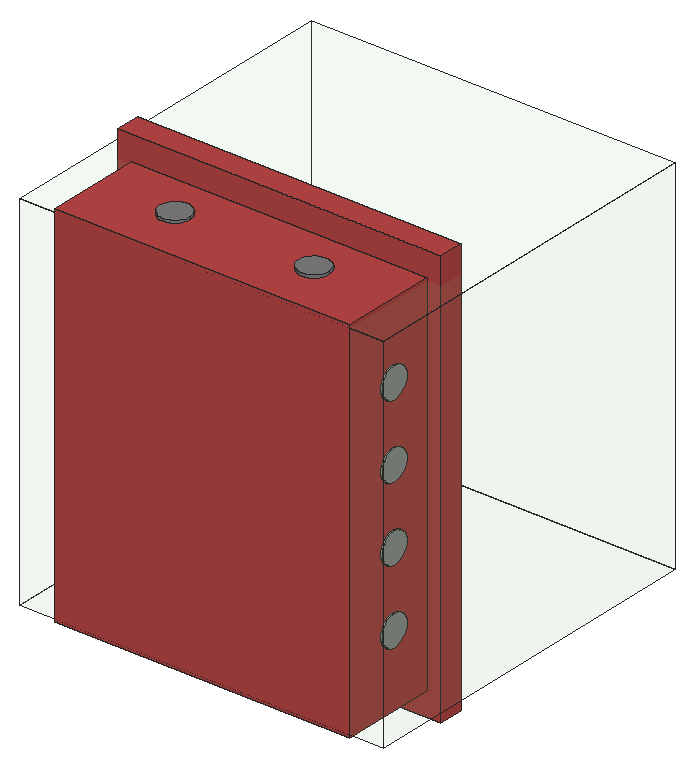
Revit family "ZETA_Коробка_Клемная_КМ 65-40_IP54", category Электрические приборы, Revit 2021
Family settings
  Сохранять ориентацию аннотаций = Нет
  Размер круглого соединителя = Использовать диаметр
  Тип детали = Нормальный
  На основе рабочей плоскости = Да
  Всегда вертикально = Нет
  При загрузке вырезать с полостями = Нет
  Общий = Нет
  Точка принадлежности помещению = Да
Parameters (values of type "64_40_IP54")
  УГО_Ширина = 10 mm
  УГО_Смещение_Х [instance] = 0 mm
  УГО_Смещение_Y [instance] = 0 mm
  УГО_Высота = 5 mm
  Температура эксплуатации = "от -40°С до +60°С"
  Сечение жил до = "4мм2"
  Сертификат = "RU C-RU.АД84.В.00192/20"
  Потолочное размещение [instance] = no
  Default Elevation = 1219.2 mm
  Описание = "Коробки клеммные соединительные КМ43 и КМ65 предназначены для\r\nсоединения и разветвления силовых электрических цепей и цепей КИПиА,\r\nвыполняемых контрольными и силовыми кабелями с алюминиевыми или медными\r\nжилами сечением 1,5-4мм2."
  Номинальный ток = "до 25A"
  Напряжение постоянного тока = "440 В"
  Напряжение переменного тока = "660 В"
  Крышка_Ширина = 160 mm
  Крышка_Длина = 190 mm
  Климатическое исполнение = "У2"
  Изготовитель = "АО «ЗЭТА»"  # constant formula
  Изготавливается по = "ТУ 27.33.13.120-047-99856433-2020"
  URL = "https://nzeta.ru/"
  D4 = 40 mm
  D3 = 20 mm
  D2 = 32 mm
  D1 = 25 mm
  В_УГО_Смещение_У [instance] = УГО_Смещение_Y + 2000 mm  # 2000 mm
  В_УГО_Смещение_X [instance] = УГО_Смещение_Х + 2000 mm  # 2000 mm
  ADSK_Ток = 0 A
  ADSK_Степень защиты_IP = "IP54"
  ADSK_Размер_Ширина = 266 mm
  ADSK_Размер_УголПоворота [instance] = if(Потолочное размещение, -90.00°, 180.00°)  # 180.00°
  ADSK_Размер_Длина = 345 mm
  ADSK_Размер_Высота = 107 mm
  ADSK_Примечание [instance] = ""
  ADSK_Полная мощность = 0 VA
  ADSK_Позиция [instance] = ""
  ADSK_Обозначение = "KK"
  ADSK_Номинальная мощность = 0 W
  ADSK_Номер стояка = ""
  ADSK_Номер линии = 0
  ADSK_Напряжение = 230 V
  ADSK_Наименование краткое = "КМ 65-40"
  ADSK_Наименование = "Коробка монтажная КМ 65-40 У2 пластиковый ввод IP54 ГОФРОМАТИК"
  ADSK_Материал наименование = "Сталь оцинкованная"
  ADSK_Масса_Текст = "4"
  ADSK_Масса = 4
  ADSK_Марка = "KK КМ 65-40 У2 IP54"
  ADSK_Коэффициент мощности = 1
  ADSK_Количество фаз числовое = 1
  ADSK_Количество фаз = 1
  ADSK_Количество = 1
  ADSK_Код изделия = "zeta30359"
  ADSK_Классификация нагрузок = Прочее
  ADSK_Завод-изготовитель = "АО «ЗЭТА»"  # constant formula
  ADSK_Единица измерения = "шт"  # constant formula
  ADSK_Версия семейства = "v.1"  # constant formula
  ADSK_Версия Revit = "2021"
  ADSK_URL страницы изделия = "https://nzeta.ru/catalog/?q=zeta30359"
  ADSK_URL документации изделия = "https://nzeta.ru/upload/uf/c0d/7z2vd3ivl8s592cr7mepd0aewbbuclim/passport.pdf"
Reference planes
  plane 1 "По центру (Вперед/Назад)": y = 0
  plane 2: z = 0
  plane 3 "По центру (Влево/Вправо)": x = 0
  plane 4: x = -2000
  plane 5: y = -2000
  plane 6: x = 0
  plane 7: y = 0
Lines and regions (mm)
  reference lines
    curve 1: line (0, 0, 0) -> (0, 0, -180)
    curve 2: line (0, 0, 0) -> (0, 140, 0)
Dimensions and locks
  "В_УГО_Смещение_X": plane 4 to plane 6
  "В_УГО_Смещение_У": plane 7 to plane 5
  angle curve 2 to curve 1 = 90.00°
  "ADSK_Размер_УголПоворота": angle plane 1 "По центру (Вперед/Назад)" to curve 1
  aligned and locked: level to plane 2
  aligned and locked: plane 6 to nested 1
  aligned and locked: nested 1 to plane 7
  aligned and locked: plane 2 to curve 2
  aligned and locked: plane 1 "По центру (Вперед/Назад)" to curve 1
  aligned and locked: nested 2 to curve 2
Nested families
  nested 1: "УГО_Клеменная_Коробка_(GenAnn)" at (0, 0, 0), УГО_Высота <- "УГО_Высота", УГО_Длина <- "УГО_Ширина", ADSK_Обозначение <- "ADSK_Обозначение", ADSK_Степень защиты_IP <- "ADSK_Степень защиты_IP", type "УГО_Клеменная_Коробка_(GenAnn)", detail levels coarse+medium
    with УГО_Длина 10 mm, УГО_Высота 5 mm, ADSK_Степень защиты_IP "IP54", ADSK_Обозначение "KK"
  nested 2: "ZETA_Коробка_Клемная_КМ 65-40_IP65_Геометрия" at (0, 0, 0) x (0, 0, -1) z (0, 1, 0), type "65-40", detail levels medium+fine
  nested 3: "Zeta_Зона обслуживания" at (0, 0, 0) x (-1, 0, 0) z (0, 0, -1), type "Зона обслуживания_Куб", detail levels medium+fine
    with Зона обслуживания_Ширина 300 mm, Зона обслуживания_Длина 300 mm, Зона обслуживания_Высота 300 mm
Connectors
  cabletrayconduit at (-123.595, 43.588, 91.442), diameter 32, driven by "D2"
    settings: on nested 2, index 2, connector width 300 mm, connector height 300 mm, connector angle 0.00°, system type 32, placement type 0, profile type 0, connector reference index -1, is primary connector yes, connector utility param no, connector description ""
  cabletrayconduit at (-123.595, 43.588, 30.481), diameter 32, driven by "D2"
    settings: on nested 2, index 3, connector width 300 mm, connector height 300 mm, connector angle 0.00°, system type 32, placement type 0, profile type 0, connector reference index -1, is primary connector no, connector utility param no, connector description ""
  cabletrayconduit at (-123.595, 43.588, -30.481), diameter 40, driven by "D4"
    settings: on nested 2, index 4, connector width 300 mm, connector height 300 mm, connector angle 0.00°, system type 32, placement type 0, profile type 0, connector reference index -1, is primary connector no, connector utility param no, connector description ""
  electrical at (0, 0, 0), driven by "ADSK_Количество фаз", driven by "ADSK_Классификация нагрузок", driven by "ADSK_Напряжение", driven by "ADSK_Полная мощность", driven by "ADSK_Коэффициент мощности"
    settings: on nested 2, index 5, voltage 230 V, apparent load 0 VA, apparent load phase1 0 VA, apparent load phase2 0 VA, apparent load phase3 0 VA, power factor 1, load classification "Прочее", number of poles 1, system type 30, power factor state 1, is connector primary yes, connector utility no, sub classification motor no, connector description ""
  cabletrayconduit at (123.524, 43.588, 91.442), diameter 25, driven by "D1"
    settings: on nested 2, index 7, connector width 300 mm, connector height 300 mm, connector angle 0.00°, system type 32, placement type 0, profile type 0, connector reference index -1, is primary connector no, connector utility param no, connector description ""
  cabletrayconduit at (123.524, 43.588, -91.442), diameter 25, driven by "D1"
    settings: on nested 2, index 8, connector width 300 mm, connector height 300 mm, connector angle 0.00°, system type 32, placement type 0, profile type 0, connector reference index -1, is primary connector no, connector utility param no, connector description ""
  cabletrayconduit at (123.524, 43.588, 30.481), diameter 25, driven by "D1"
    settings: on nested 2, index 9, connector width 300 mm, connector height 300 mm, connector angle 0.00°, system type 32, placement type 0, profile type 0, connector reference index -1, is primary connector no, connector utility param no, connector description ""
  cabletrayconduit at (-123.595, 43.588, -91.442), diameter 32, driven by "D2"
    settings: on nested 2, index 11, connector width 300 mm, connector height 300 mm, connector angle 0.00°, system type 32, placement type 0, profile type 0, connector reference index -1, is primary connector no, connector utility param no, connector description ""
  cabletrayconduit at (-57.269, 43.588, -154.404), diameter 25, driven by "D1"
    settings: on nested 2, index 12, connector width 300 mm, connector height 300 mm, connector angle 0.00°, system type 32, placement type 0, profile type 0, connector reference index -1, is primary connector no, connector utility param no, connector description ""
  cabletrayconduit at (57.269, 43.588, -154.404), diameter 25, driven by "D1"
    settings: on nested 2, index 13, connector width 300 mm, connector height 300 mm, connector angle 0.00°, system type 32, placement type 0, profile type 0, connector reference index -1, is primary connector no, connector utility param no, connector description ""
  cabletrayconduit at (123.524, 43.588, -30.481), diameter 25, driven by "D1"
    settings: on nested 2, index 14, connector width 300 mm, connector height 300 mm, connector angle 0.00°, system type 32, placement type 0, profile type 0, connector reference index -1, is primary connector no, connector utility param no, connector description ""
  cabletrayconduit at (57.269, 43.588, 154.404), diameter 25, driven by "D1"
    settings: on nested 2, index 15, connector width 300 mm, connector height 300 mm, connector angle 0.00°, system type 32, placement type 0, profile type 0, connector reference index -1, is primary connector no, connector utility param no, connector description ""
  cabletrayconduit at (-57.269, 43.588, 154.404), diameter 25, driven by "D1"
    settings: on nested 2, index 16, connector width 300 mm, connector height 300 mm, connector angle 0.00°, system type 32, placement type 0, profile type 0, connector reference index -1, is primary connector no, connector utility param no, connector description ""
Definition of nested family "ZETA_Коробка_Клемная_КМ 65-40_IP65_Геометрия"
  Parameters (values of type "65-40")
    Привязки_Штуцер = 177.786 mm
    Default Elevation = 1219.2 mm
    Основание_Ширина = ADSK_Размер_Ширина * 0.9142  # 243.177 mm
    Основание_Длина = ADSK_Размер_Длина * 0.8835  # 304.808 mm
    Manufacturer = "АО \"ЗЭТАРУС\""
    D4 = 40 mm
    D3 = 20 mm
    D2 = 32 mm
    D1 = 25 mm
    ADSK_Размер_Ширина = 266 mm
    ADSK_Размер_Длина = 345 mm
    ADSK_Размер_Высота = 106 mm
  Reference planes
    plane 1 "По центру (Вперед/Назад)": y = 0
    plane 2: z = 0
    plane 3 "По центру (Влево/Вправо)": x = 0
    plane 4: x = -152.404
    plane 5: x = 152.404
    plane 6: y = -121.589
    plane 7: y = 121.589
    plane 8: x = -172.5
    plane 9: y = -133
    plane 10: x = 172.5
    plane 11: y = 133
    plane 12: z = 106
    plane 13: z = 79.822
    plane 14: y = -57.269
    plane 15: y = 57.269
    plane 16: z = 43.588
    plane 17: y = -123.595
    plane 18: y = 123.524
    plane 19: x = -30.481
    plane 20: x = -91.442
    plane 21: x = 30.481
    plane 22: x = 91.442
    plane 23: x = 154.404
  Forms (mm)
    Extrusion 1, solid
      sketch origin (0, 0, 0) x (1, 0, 0) y (0, 1, 0)
        loop
          line (-152.404, 121.589) -> (-152.404, -121.589) -> (152.404, -121.589) -> (152.404, 121.589) -> (-152.404, 121.589)
      from 0 to 79.822
    Extrusion 2, solid
      sketch origin (0, 0, 0) x (1, 0, 0) y (0, 1, 0)
        loop
          line (-172.5, 133) -> (-172.5, -133) -> (172.5, -133) -> (172.5, 133) -> (-172.5, 133)
      from 100 to 79.822
    Extrusion 3, solid
      sketch origin (0, 0, 0) x (1, 0, 0) y (0, 0, 1)
        loop
          circle (-91.442, 43.588) r 16
      from 121.589 to 123.595
    Extrusion 4, solid
      sketch origin (43.5, 0, 0) x (1, 0, 0) y (0, 0, 1)
        loop
          circle (-73.981, 43.588) r 16
      from 123.595 to 121.589
    Extrusion 5, solid
      sketch origin (117, 0, 0) x (1, 0, 0) y (0, 0, 1)
        loop
          circle (-86.519, 43.588) r 20
      from 123.595 to 121.589
    Extrusion 6, solid
      sketch origin (85.899, 167.006, 14.478) x (1, 0, 0) y (0, 0, 1)
        loop
          circle (-116.38, 29.11) r 12.5
      from 43.482 to 45.417
    Extrusion 7, solid
      sketch origin (26.528, 167.006, 14.478) x (1, 0, 0) y (0, 0, 1)
        loop
          circle (-117.97, 29.11) r 12.5
      from 43.482 to 45.417
    Extrusion 8, solid
      sketch origin (142.642, 206.667, 14.478) x (1, 0, 0) y (0, 0, 1)
        loop
          circle (-112.162, 29.11) r 12.5
      from 85.079 to 83.144
    Extrusion 9, solid
      sketch origin (197.414, 210.537, 14.478) x (1, 0, 0) y (0, 0, 1)
        loop
          circle (-105.972, 29.11) r 12.5
      from 87.014 to 88.949
    Extrusion 10, solid
      sketch origin (177.962, 0, 0) x (1, 0, 0) y (0, 0, 1)
        loop
          circle (-86.519, 43.588) r 16
      from 123.595 to 121.589
    Extrusion 11, solid
      sketch origin (152.404, 121.589, 0) x (0, -1, 0) y (0, 0, -1)
        loop
          circle (178.857, -43.588) r 12.5
      from 0 to 2
    Extrusion 12, solid
      sketch origin (152.404, 236.126, 0) x (0, -1, 0) y (0, 0, -1)
        loop
          circle (178.857, -43.588) r 12.5
      from 0 to 2
    Extrusion 13, solid
      sketch origin (-154.404, 236.126, 0) x (0, -1, 0) y (0, 0, -1)
        loop
          circle (178.857, -43.588) r 12.5
      from 0 to 2
    Extrusion 14, solid
      sketch origin (-154.404, 121.589, 0) x (0, -1, 0) y (0, 0, -1)
        loop
          circle (178.857, -43.588) r 12.5
      from 0 to 2
  Dimensions and locks
    equal spacing: plane 4, plane 3 "По центру (Влево/Вправо)", plane 5
    equal spacing: plane 7, plane 1 "По центру (Вперед/Назад)", plane 6
    "Основание_Ширина": plane 7 to plane 6
    "Основание_Длина": plane 4 to plane 5
    equal spacing: plane 11, plane 1 "По центру (Вперед/Назад)", plane 9
    equal spacing: plane 8, plane 3 "По центру (Влево/Вправо)", plane 10
    "ADSK_Размер_Ширина": plane 11 to plane 9
    "ADSK_Размер_Длина": plane 8 to plane 10
    "ADSK_Размер_Высота": plane 12 to level
    locked: plane 6 to plane 17 at 2.006
    locked: plane 18 to plane 7 at 1.935
    equal spacing: plane 4, plane 20, plane 19, plane 21, plane 22, plane 5
    equal spacing: plane 15, plane 1 "По центру (Вперед/Назад)", plane 14
    plane 5 to plane 23 = 2 mm
    "D2": diameter of Extrusion 3 sketch curve
    "D2": diameter of Extrusion 4 sketch curve
    "D4": diameter of Extrusion 5 sketch curve
    "D1": diameter of Extrusion 6 sketch curve
    "D1": diameter of Extrusion 7 sketch curve
    "D1": diameter of Extrusion 8 sketch curve
    "D1": diameter of Extrusion 9 sketch curve
    "D2": diameter of Extrusion 10 sketch curve
    "D1": diameter of Extrusion 11 sketch curve
    "D1": diameter of Extrusion 12 sketch curve
    "D1": diameter of Extrusion 13 sketch curve
    "D1": diameter of Extrusion 14 sketch curve
    aligned and locked: level to plane 2
    aligned and locked: Extrusion 1 sketch curve to plane 7
    aligned and locked: plane 4 to Extrusion 1 sketch curve
    aligned and locked: plane 6 to Extrusion 1 sketch curve
    aligned and locked: Extrusion 1 sketch curve to plane 5
    aligned and locked: Extrusion 2 sketch curve to plane 11
    aligned and locked: plane 8 to Extrusion 2 sketch curve
    aligned and locked: plane 9 to Extrusion 2 sketch curve
    aligned and locked: Extrusion 2 sketch curve to plane 10
    aligned and locked: Extrusion 2 to plane 13
    aligned and locked: Extrusion 1 to Extrusion 2
    aligned and locked: plane 16 to Extrusion 3 sketch curve
    aligned and locked: plane 6 to Extrusion 3
    aligned and locked: Extrusion 3 to plane 17
    aligned and locked: plane 18 to Extrusion 6
    aligned and locked: Extrusion 6 to plane 7
    aligned and locked: Extrusion 4 to Extrusion 1
    aligned and locked: Extrusion 4 to plane 17
    aligned and locked: Extrusion 5 to Extrusion 1
    aligned and locked: Extrusion 5 to plane 17
    aligned and locked: plane 16 to Extrusion 5 sketch curve
    aligned and locked: plane 16 to Extrusion 6 sketch curve
    aligned and locked: plane 19 to Extrusion 6 sketch curve
    aligned and locked: plane 7 to Extrusion 7
    aligned and locked: plane 18 to Extrusion 7
    aligned and locked: Extrusion 9 to plane 7
    aligned and locked: plane 18 to Extrusion 9
    aligned and locked: plane 22 to Extrusion 9 sketch curve
    aligned and locked: plane 21 to Extrusion 8 sketch curve
    aligned and locked: plane 20 to Extrusion 7 sketch curve
    aligned and locked: plane 20 to Extrusion 3 sketch curve
    aligned and locked: plane 19 to Extrusion 4 sketch curve
    aligned and locked: plane 21 to Extrusion 5 sketch curve
    aligned and locked: plane 22 to Extrusion 10 sketch curve
    aligned and locked: plane 15 to Extrusion 12 sketch curve
    aligned and locked: plane 23 to Extrusion 12
    aligned and locked: plane 23 to Extrusion 11
  Automatic sketch dimensions
    Extrusion 4 sketch curve to plane 16 = 0 mm
    Extrusion 7 sketch curve to plane 16 = 0 mm
    Extrusion 8 sketch curve to plane 16 = 0 mm
    Extrusion 9 sketch curve to plane 16 = 0 mm
    Extrusion 10 sketch curve to plane 16 = 0 mm
    Extrusion 1 to Extrusion 11 sketch curve = 64.32 mm
    Extrusion 1 to Extrusion 11 sketch curve = 36.234 mm
    Extrusion 1 to Extrusion 12 sketch curve = 36.234 mm
    Extrusion 13 sketch curve to plane 15 = 0 mm
    Extrusion 13 sketch curve to plane 16 = 0 mm
    Extrusion 14 sketch curve to plane 14 = 0 mm
    Extrusion 14 sketch curve to plane 16 = 0 mm
Definition of nested family "Zeta_Зона обслуживания"
  Parameters (values of type "Зона обслуживания_Куб")
    Default Elevation = 1219.2 mm
    Зона обслуживания_Ширина [instance] = 300 mm
    Зона обслуживания_Длина [instance] = 300 mm
    Зона обслуживания_Высота [instance] = 300 mm
  Reference planes
    plane 1 "По центру (Вперед/Назад)": y = 0
    plane 2: z = 0
    plane 3 "По центру (Влево/Вправо)": x = 0
    plane 4: x = -150
    plane 5: x = 150
    plane 6: y = 300
    plane 7: z = 150
    plane 8: z = -150
  Forms (mm)
    Extrusion 1, solid
      sketch origin (0, 0, 0) x (1, 0, 0) y (0, 1, 0)
        loop
          line (-150, 300) -> (-150, 0) -> (150, 0) -> (150, 300) -> (-150, 300)
      from -150 to 150
  Dimensions and locks
    equal spacing: plane 4, plane 3 "По центру (Влево/Вправо)", plane 5
    "Зона обслуживания_Ширина": plane 6 to plane 1 "По центру (Вперед/Назад)"
    "Зона обслуживания_Длина": plane 4 to plane 5
    equal spacing: plane 7, level, plane 8
    "Зона обслуживания_Высота": plane 7 to plane 8
    aligned and locked: level to plane 2
    aligned and locked: Extrusion 1 sketch curve to plane 6
    aligned and locked: plane 4 to Extrusion 1 sketch curve
    aligned and locked: Extrusion 1 sketch curve to plane 5
    aligned and locked: Extrusion 1 to plane 8
    aligned and locked: plane 7 to Extrusion 1
    aligned and locked: plane 1 "По центру (Вперед/Назад)" to Extrusion 1
  Automatic sketch dimensions
    plane 1 "По центру (Вперед/Назад)" to Extrusion 1 sketch curve = 0 mm
Definition of nested family "УГО_Клеменная_Коробка_(GenAnn)"
  Parameters (values of type "УГО_Клеменная_Коробка_(GenAnn)")
    УГО_Длина [instance] = 10 mm
    УГО_Высота [instance] = 5 mm
    ADSK_Степень защиты_IP [instance] = ""
    ADSK_Обозначение [instance] = ""
  Reference planes
    plane 1: y = 0
    plane 2: x = 0
  Lines and regions (mm)
    Filled region 1, type "Filled region 1"
      outline origin (0, 0, 0) x (1, 0, 0) y (0, 1, 0)
        loop
          line (-5, 2.5) -> (-5, -2.5) -> (5, -2.5) -> (5, 2.5) -> (-5, 2.5)
    reference lines
      curve 1: line (-5, 2.5, 0) -> (-5, -2.5, 0)
      curve 2: line (-5, -2.5, 0) -> (5, -2.5, 0)
      curve 3: line (5, 2.5, 0) -> (5, -2.5, 0)
      curve 4: line (-5, 2.5, 0) -> (5, 2.5, 0)
  Text (mm)
    label "KK IP 54" at (0.033, -0.03, 0), shows "ADSK_Обозначение", "ADSK_Степень защиты_IP"
  Dimensions and locks
    equal spacing: curve 1, plane 2, curve 3
    equal spacing: curve 2, plane 1, curve 4
    "УГО_Длина": curve 1 to curve 3
    "УГО_Высота": curve 2 to curve 4
    aligned and locked: Filled region 1 sketch curve to curve 4
    aligned and locked: Filled region 1 sketch curve to curve 1
    aligned and locked: Filled region 1 sketch curve to curve 2
    aligned and locked: Filled region 1 sketch curve to curve 3
